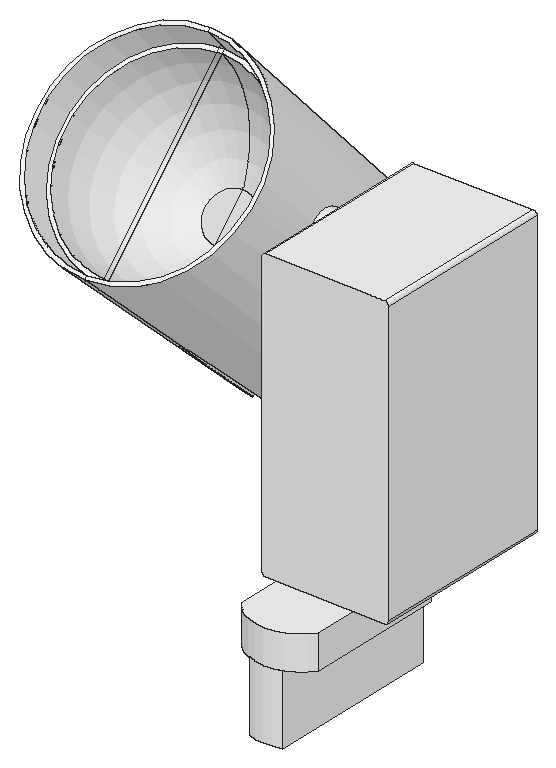
Revit family "0004932 Feilo Sylvania Lighting Fixture START TRACK SPOT S DALI 1352LM 940 WB WHT", category Lighting Fixtures, host Face, Revit 2017 (continued)
Definition of nested family "Start Track Spot Head"
  Types (96, lengths in mm): name | Wattage | built-in parameter 1150134 | Photometric Web File | Model | built-in parameter 1150105 | Lumens | built-in parameter 1150107 | built-in parameter 1150106 | HeadThickness_FEILO | HeadRibOffset_FEILO | HeadRibDepth_FEILO | HeadRibCutWidth_FEILO | HeadRibCutOffset_FEILO | HeadReflectorRadius_FEILO | HeadReflectorOffset_FEILO | HeadLEDRadius_FEILO | HeadHeight_FEILO | HeadDiffusorOffset_FEILO | HeadDiaOut_FEILO | HeadDiaIn_FEILO | HeadAxisFromTop_FEILO | Emit from Circle Diameter | built-in parameter 1150104 | Description | Apparent Load
    0004812 START TRACK SPOT S 14W 3K RA80 MB WHITE | 14 W | (empty or 0) | "0004812.ies" | "START TRACK SPOT S 14W 3K RA80 MB WHITE" | 120.32 (stored number, unit not read) | 1512 lm | 3000 (stored number, unit not read) | 1.2032 (stored number, unit not read) | 1.5 | 4.179 | 55.714 | 7.167 | 50.87 | 50.588 | 55.714 | 9.556 | 117 | 9.435 | 86 | 77.477 | 69.354 | 77.477 | 10.034 (stored number, unit not read) | "Integrated LED spotlight, Textured White - RAL9016, compact and minimalist design, ideal for retail applications, die-cast aluminium body, passive cooling heatsink. Beam angle: 36°, color temperature: 3000K , total system power: 14W, total fixture output: 1508 lm, LOR: 100%, colour rendering: Ra: 80 typical, LED Chromaticity: 3 step MacAdam ellipse, lifetime: >50000 hours at L70B50, energy class: A++, A+, A, IR/UV free light source without heat radiation, operating voltage: 220-240V / 50-60Hz, drive current: 350mA, electronic driver, non-dimmable, power factor: 0.92, electrical protection: Class II, Global Track 3 Phase adapter suitable for Global trac 3-circuit tracks, ingress protection rating: IP20, suitable for internal environment only, horizontal rotation: 355°, vertical tilt: 90°, dimensions: Ø86x140x200, weight: 0.940kg." | 14 VA
    0004811 START TRACK SPOT S 14W 3K RA80 NB WHITE | 14 W | (empty or 0) | "0004811.ies" | "START TRACK SPOT S 14W 3K RA80 NB WHITE" | 123.66 (stored number, unit not read) | 1554 lm | 3000 (stored number, unit not read) | 1.2366 (stored number, unit not read) | 1.5 | 4.179 | 55.714 | 7.167 | 50.87 | 50.588 | 55.714 | 9.556 | 117 | 9.435 | 86 | 77.477 | 69.354 | 77.477 | 10.312 (stored number, unit not read) | "Integrated LED spotlight, Textured White - RAL9016, compact and minimalist design, ideal for retail applications, die-cast aluminium body, passive cooling heatsink. Beam angle: 12°, color temperature: 3000K , total system power: 14W, total fixture output: 1551 lm, LOR: 100%, colour rendering: Ra: 80 typical, LED Chromaticity: 3 step MacAdam ellipse, lifetime: >50000 hours at L70B50, energy class: A++, A+, A, IR/UV free light source without heat radiation, operating voltage: 220-240V / 50-60Hz, drive current: 350mA, electronic driver, non-dimmable, power factor: 0.92, electrical protection: Class II, Global Track 3 Phase adapter suitable for Global trac 3-circuit tracks, ingress protection rating: IP20, suitable for internal environment only, horizontal rotation: 355°, vertical tilt: 90°, dimensions: Ø86x140x200, weight: 0.940kg." | 14 VA
  Reference planes
    plane 1 "Center (Front/Back)": y = 0
    plane 2: z = 0
    plane 3 "Center (Left/Right)": x = 0
    plane 4: x = 43
    plane 5: x = -43
    plane 6: x = -38.739
    plane 7: x = 38.739
    plane 8: z = 69.354
    plane 9: z = -47.646
    plane 10: x = -41.5
    plane 11: x = -37.239
    plane 12: z = -38.211
    plane 13: z = -35.211
    plane 14: z = 8.068
    plane 15: x = -9.556
    plane 16: x = -28.667
    plane 17: x = -19.111
    plane 18: x = -27.167
    plane 19: x = -17.611
    plane 20: x = -8.056
    plane 21: z = 13.64
    plane 22: x = -29.667
    plane 23: x = -26.167
    plane 24: x = -20.111
    plane 25: x = -16.611
    plane 26: x = -10.556
    plane 27: x = -7.056
    plane 28: x = -36.239
    plane 29: x = -40.5
    plane 30: z = 65.175
    plane 31: z = 60.997
    plane 32: z = 56.818
    plane 33: z = 18.484
    plane 34: y = -43
    plane 35: y = 43
    plane 36: y = 3.583
    plane 37: y = -3.583
    plane 38: y = -2.583
    plane 39: y = 2.583
    plane 40: y = 46
    plane 41: z = 13.5
    plane 42: z = -13.5
    plane 43: y = 39
    plane 44: x = 4.708
    plane 45: x = -2.458
    plane 46: x = -1.458
    plane 47: x = 1.458
  Forms (mm)
    Extrusion 1, solid
      sketch origin (4.2, 0, 0) x (1, 0, 0) y (0, 1, 0)
        loop
          line (-1219.2, 1219.2) -> (-1219.2, -1219.2) -> (1219.2, -1219.2) -> (1219.2, 1219.2) -> (-1219.2, 1219.2)
      from 0 to -68.017
    Revolve 2, solid, material <- "Material_1_FEILO", detail levels medium+fine
      sketch origin (0, 0, 0) x (1, 0, 0) y (0, 0, 1)
        loop
          line (-43, -47.646) -> (-41.5, -47.646) -> (-40.5, -35.211) -> (-38.739, -35.211)
          arc (-38.739, -35.211) -> (-30.16, -9.517) -> (-9.556, 8.068) r 50.588
          line (-9.556, 8.068) -> (0, 8.068) -> (0, 13.64) -> (-16.611, 13.64) -> (-17.611, 60.997) -> (-19.111, 60.997) -> (-20.111, 13.64) -> (-36.239, 13.64) -> (-37.239, 69.354) -> (-38.739, 69.354) -> (-43, -47.646)
        axis (0, 69.354) -> (0, -47.646)
      angle from 360 to 0
    Extrusion 3, void
      sketch origin (0, 0, 0) x (0, 1, 0) y (0, 0, 1)
        loop
          line (-3.583, 69.354) -> (-2.583, 18.484) -> (1.932, 18.484) -> (2.932, 69.354) -> (-3.583, 69.354)
      from 43 to -43
    Revolve 4, solid, material <- "Material_2_FEILO", detail levels medium+fine
      sketch origin (0, 0, 0) x (1, 0, 0) y (0, 0, 1)
        loop
          line (-41.5, -38.211) -> (0, -38.211) -> (0, -35.211) -> (-41.5, -35.211) -> (-41.5, -38.211)
        axis (0, -35.211) -> (0, -38.211)
      angle from 360 to 0
    Revolve 5, solid, material <- "Material_1_FEILO"
      sketch origin (0, 0, 0) x (0, 1, 0) y (0, 0, 1)
        loop
          line (46, 0) -> (39, 0) -> (39, -13.5) -> (46, -13.5) -> (46, 0)
        axis (39, 0) -> (46, 0)
      angle from 360 to 0
    Revolve 6, solid, material <- "Material_1_FEILO", detail levels medium+fine
      sketch origin (0, 0, 0) x (1, 0, 0) y (0, 0, 1)
        loop
          line (-29.667, 13.64) -> (-26.167, 13.64) -> (-27.167, 65.175) -> (-28.667, 65.175) -> (-29.667, 13.64)
        loop
          line (-10.556, 13.64) -> (-7.056, 13.64) -> (-7.833, 56.818) -> (-9.778, 56.818) -> (-10.556, 13.64)
        axis (0, 65.175) -> (0, 13.64)
      angle from 360 to 0
    Extrusion 7, void
      sketch origin (0, 0, 0) x (1, 0, 0) y (0, 0, 1)
        loop
          line (4.708, 69.354) -> (-2.458, 69.354) -> (-1.458, 13.64) -> (1.458, 13.64) -> (4.708, 69.354)
      from -43 to 43
    Revolve 8, solid, material <- "Material_1_FEILO", detail levels coarse
      sketch origin (0, 0, 0) x (1, 0, 0) y (0, 0, 1)
        loop
          line (0, 69.354) -> (-38.739, 69.354) -> (-43, -47.646) -> (-41.5, -47.646) -> (-40.731, -38.211) -> (0, -38.211) -> (0, 69.354)
        axis (0, 69.354) -> (0, -47.646)
      angle from 360 to 0
  Cuts and joins
    Extrusion 3 cuts Revolve 2
    Extrusion 7 cuts Revolve 6
  Dimensions and locks
    equal spacing: plane 7, plane 3 "Center (Left/Right)", plane 6
    equal spacing: plane 4, plane 3 "Center (Left/Right)", plane 5
    "HeadDiaOut_FEILO": plane 4 to plane 5
    "HeadDiaIn_FEILO": plane 7 to plane 6
    "HeadHeight_FEILO": plane 8 to plane 9
    "HeadThickness_FEILO": plane 10 to plane 5
    "HeadThickness_FEILO": plane 11 to plane 6
    "HeadDiffusorOffset_FEILO": plane 12 to plane 9
    "HeadDiffusorThickness_FEILO": plane 13 to plane 12
    "HeadReflectorOffset_FEILO": plane 14 to plane 9
    "HeadLEDRadius_FEILO": plane 3 "Center (Left/Right)" to plane 15
    "HeadLEDRadius_FEILO": plane 15 to plane 17
    "HeadLEDRadius_FEILO": plane 17 to plane 16
    "HeadThickness_FEILO": plane 18 to plane 16
    "HeadThickness_FEILO": plane 19 to plane 17
    "HeadThickness_FEILO": plane 20 to plane 15
    "HeadRibDepth_FEILO": plane 8 to plane 21
    "HeadDraft_FEILO": plane 16 to plane 22
    "HeadDraft_FEILO": plane 23 to plane 18
    "HeadDraft_FEILO": plane 17 to plane 24
    "HeadDraft_FEILO": plane 25 to plane 19
    "HeadDraft_FEILO": plane 15 to plane 26
    "HeadDraft_FEILO": plane 27 to plane 20
    "HeadDraft_FEILO": plane 29 to plane 10
    "HeadDraft_FEILO": plane 28 to plane 11
    "HeadRibOffset_FEILO": plane 8 to plane 30
    "HeadRibOffset_FEILO": plane 30 to plane 31
    "HeadRibOffset_FEILO": plane 31 to plane 32
    "HeadAxisFromTop_FEILO": plane 8 to plane 2
    "HeadRibCutOffset_FEILO": plane 8 to plane 33
    equal spacing: plane 34, plane 1 "Center (Front/Back)", plane 35
    "HeadDiaOut_FEILO": plane 34 to plane 35
    equal spacing: plane 38, plane 1 "Center (Front/Back)", plane 39
    equal spacing: plane 37, plane 1 "Center (Front/Back)", plane 36
    "HeadRibCutWidth_FEILO": plane 37 to plane 36
    "HeadDraft_FEILO": plane 37 to plane 38
    locked: plane 35 to plane 40 at 3
    equal spacing: plane 41, plane 2, plane 42
    locked: plane 42 to plane 41 at 27
    locked: plane 43 to plane 35 at 4
    equal spacing: plane 45, imposter light, plane 44
    "HeadDraft_FEILO": plane 46 to plane 45
    "HeadRibCutWidth_FEILO": plane 44 to plane 45
    equal spacing: plane 47, plane 3 "Center (Left/Right)", plane 46
    "HeadReflectorRadius_FEILO": radius of Revolve 2 sketch curve
    aligned and locked: plane 2 to Extrusion 1
    aligned and locked: level to Extrusion 1
    aligned and locked: Revolve 2 sketch curve to plane 3 "Center (Left/Right)"  (x2)
    aligned and locked: plane 9 to Revolve 2 sketch curve  (x2)
    aligned and locked: plane 5 to Revolve 2 sketch curve
    aligned and locked: plane 10 to Revolve 2 sketch curve
    aligned and locked: plane 14 to Revolve 2 sketch curve
    aligned and locked: plane 8 to Revolve 2 sketch curve
    aligned and locked: Revolve 2 sketch curve to plane 13
    aligned and locked: plane 12 to Revolve 4 sketch curve
    aligned and locked: plane 3 "Center (Left/Right)" to Revolve 4 sketch curve
    aligned and locked: Revolve 4 sketch curve to plane 10
    aligned and locked: Revolve 4 sketch curve to plane 3 "Center (Left/Right)"
    aligned and locked: plane 12 to imposter light
    aligned and locked: imposter light to plane 1 "Center (Front/Back)"
    aligned and locked: Revolve 5 sketch curve to plane 2
    aligned and locked: plane 43 to Revolve 5 sketch curve
    aligned and locked: plane 42 to Revolve 5 sketch curve
    aligned and locked: Revolve 6 sketch curve to plane 3 "Center (Left/Right)"
    aligned and locked: plane 22 to Revolve 6 sketch curve
    aligned and locked: plane 30 to Revolve 6 sketch curve
    aligned and locked: plane 23 to Revolve 6 sketch curve
    aligned and locked: Revolve 6 sketch curve to plane 21  (x2)
    aligned and locked: plane 21 to Revolve 6 sketch curve
    aligned and locked: plane 17 to Revolve 2 sketch curve
    aligned and locked: plane 19 to Revolve 2 sketch curve
    aligned and locked: plane 31 to Revolve 2 sketch curve
    aligned and locked: plane 21 to Revolve 2 sketch curve
    aligned and locked: Extrusion 3 to plane 8
    aligned and locked: plane 33 to Extrusion 3
    aligned and locked: plane 8 to Extrusion 3 sketch curve
    aligned and locked: Extrusion 3 sketch curve to plane 33
    aligned and locked: Extrusion 3 to plane 5
    aligned and locked: plane 4 to Extrusion 3
    aligned and locked: plane 32 to Revolve 6 sketch curve
    aligned and locked: plane 44 to Extrusion 7 sketch curve
    aligned and locked: Extrusion 7 sketch curve to plane 8
    aligned and locked: plane 46 to Extrusion 7 sketch curve
    aligned and locked: plane 21 to Extrusion 7 sketch curve
    aligned and locked: plane 34 to Extrusion 7
    aligned and locked: Extrusion 7 to plane 35
    aligned and locked: Revolve 4 sketch curve to plane 13
    aligned and locked: Revolve 5 sketch curve to plane 40
    aligned and locked: Revolve 8 sketch curve to plane 3 "Center (Left/Right)"
    aligned and locked: Revolve 8 sketch curve to cut or joined group of Revolve 2, Extrusion 3  (x3)
    aligned and locked: plane 5 to Revolve 8 sketch curve
    aligned and locked: plane 3 "Center (Left/Right)" to Revolve 8 sketch curve
    aligned and locked: plane 12 to Revolve 8 sketch curve
  Automatic sketch dimensions
    Extrusion 1 sketch curve to Extrusion 1 sketch curve = 2438.4 mm  (x2)
    Extrusion 3 sketch curve to plane 37 = 0 mm
    Extrusion 3 sketch curve to plane 38 = 0 mm
    plane 39 to Extrusion 3 sketch curve = 0.651 mm
    Extrusion 3 sketch curve to plane 39 = 0.349 mm
    Revolve 6 sketch curve to plane 16 = 0 mm
    Revolve 6 sketch curve to plane 18 = 0 mm
    Revolve 6 sketch curve to plane 26 = 0 mm
    Revolve 6 sketch curve to plane 27 = 0 mm
    Revolve 6 sketch curve to plane 15 = 0.222 mm
    plane 9 to Revolve 6 sketch curve = 559.103 mm
    Revolve 6 sketch curve to plane 8 = 2535.555 mm
    plane 20 to Revolve 6 sketch curve = 0.222 mm
    Revolve 2 sketch curve to plane 29 = 0 mm
    Revolve 2 sketch curve to plane 6 = 0 mm  (x2)
    Revolve 2 sketch curve to plane 11 = 0 mm
    Revolve 2 sketch curve to plane 21 = 0 mm
    Revolve 2 sketch curve to plane 28 = 0 mm
    Revolve 2 sketch curve to plane 24 = 0 mm
    Revolve 2 sketch curve to plane 25 = 0 mm
    Revolve 2 sketch curve to plane 15 = 0 mm
    Revolve 2 sketch curve to Revolve 2 sketch curve = 557.155 mm
    Revolve 2 sketch curve to plane 8 = 2535.558 mm
    Extrusion 7 sketch curve to plane 45 = 0 mm
    Extrusion 7 sketch curve to plane 47 = 0 mm
    plane 9 to Revolve 4 sketch curve = 559.103 mm
    Revolve 4 sketch curve to plane 8 = 2535.555 mm
    Revolve 5 sketch curve to level = 0 mm
    plane 34 to Revolve 5 sketch curve = 1968.092 mm
    Revolve 5 sketch curve to plane 40 = 1405.763 mm
    Revolve 8 sketch curve to plane 6 = 0 mm
    Revolve 8 sketch curve to plane 29 = 0.231 mm
    plane 9 to Revolve 8 sketch curve = 559.103 mm
    Revolve 8 sketch curve to Revolve 8 sketch curve = 2535.555 mm
Definition of nested family "Start Track Spot Box"
  Parameters (values of type "Type Large White")
    URL = "http://www.feilosylvania.com"
    Type Image = (empty or 0)
    Type Comments = "n/a"
    Small_FEILO = no
    Material_3_FEILO = none
    Model = ""
    Manufacturer = "Feilo Sylvania"
    Keynote = ""
    Material_2_FEILO = none
    Description = ""
    Default Elevation = 1219.2 mm
    Cost = 0
    Material_1_FEILO = none
    BoxWidth_FEILO = 49 mm
    BoxStartAngle_FEILO [instance] = 0.00°
    BoxRadius_FEILO = 1.5 mm
    BoxHeight_FEILO = if(Small_FEILO, 112 mm, 136 mm)  # 136 mm
    BoxEndAngle_FEILO [instance] = BoxStartAngle_FEILO - 180.00°  # -180.00°
    BoxDepth_FEILO = if(Small_FEILO, 71.5 mm, 79 mm)  # 79 mm
    BoxAxisVerticalOffset_FEILO = 16 mm
    BoxAxisOffset_FEILO = BoxHeight_FEILO / 6.8  # 20 mm
    Assembly Code = ""
    Material_4_FEILO = none
  Types (4, lengths in mm): name | Small_FEILO | BoxHeight_FEILO | BoxDepth_FEILO | BoxAxisOffset_FEILO
    Type Large White | no | 136 | 79 | 20
    Type Small White | yes | 112 | 71.5 | 16.471
    Type Small Black | yes | 112 | 71.5 | 16.471
    Type Large Black | no | 136 | 79 | 20
  Reference planes
    plane 1 "Center (Front/Back)": y = 0
    plane 2: z = 0
    plane 3 "Center (Left/Right)": x = 0
    plane 4: x = 24.5
    plane 5: x = -24.5
    plane 6: y = 68
    plane 7: y = -68
    plane 8: z = 39.5
    plane 9: z = -39.5
    plane 10: y = -48
    plane 11: x = 30.5
    plane 12: x = 8.5
    plane 13: x = 21.5
    plane 14: y = 70
    plane 15: y = 72
    plane 16: x = 19.5
  Forms (mm)
    Extrusion 1, solid
      sketch origin (4.2, 0, 0) x (1, 0, 0) y (0, 1, 0)
        loop
          line (-1219.2, 1219.2) -> (-1219.2, -1219.2) -> (1219.2, -1219.2) -> (1219.2, 1219.2) -> (-1219.2, 1219.2)
      from 0 to -68.017
    Extrusion 2, solid, material <- "Material_1_FEILO"
      sketch origin (0, 0, 0) x (1, 0, 0) y (0, 1, 0)
        loop
          arc (-23, 68) -> (-24.061, 67.561) -> (-24.5, 66.5) r 1.5
          line (-24.5, 66.5) -> (-24.5, -66.5)
          arc (-24.5, -66.5) -> (-24.061, -67.561) -> (-23, -68) r 1.5
          line (-23, -68) -> (23, -68)
          arc (23, -68) -> (24.061, -67.561) -> (24.5, -66.5) r 1.5
          line (24.5, -66.5) -> (24.5, 66.5)
          arc (24.5, 66.5) -> (24.061, 67.561) -> (23, 68) r 1.5
          line (23, 68) -> (-23, 68)
      from -39.5 to 39.5
    Revolve 3, solid, not visible
      sketch origin (0, 0, 0) x (1, 0, 0) y (0, 1, 0)
        loop
          line (30.5, -48) -> (24.5, -48) -> (24.5, -68) -> (30.5, -68) -> (30.5, -48)
        axis (30.5, -48) -> (24.5, -48)
      angle from 0 <- "BoxStartAngle_FEILO" to -180 <- "BoxEndAngle_FEILO"
    Revolve 4, solid, material <- "Material_2_FEILO"
      sketch origin (0, 0, 0) x (1, 0, 0) y (0, 1, 0)
        loop
          line (8.5, 68) -> (19.5, 68) -> (19.5, 70) -> (21.5, 70) -> (21.5, 72) -> (8.5, 72) -> (8.5, 68)
        axis (8.5, 72) -> (8.5, 68)
      angle from 360 to 0
  Dimensions and locks
    equal spacing: plane 5, plane 3 "Center (Left/Right)", plane 4
    "BoxWidth_FEILO": plane 5 to plane 4
    equal spacing: plane 7, plane 1 "Center (Front/Back)", plane 6
    "BoxHeight_FEILO": plane 7 to plane 6
    equal spacing: plane 8, plane 2, plane 9
    "BoxDepth_FEILO": plane 8 to plane 9
    "BoxAxisOffset_FEILO": plane 7 to plane 10
    locked: plane 4 to plane 11 at 6
    "BoxAxisVerticalOffset_FEILO": plane 12 to plane 4
    locked: plane 12 to plane 13 at 13
    plane 6 to plane 14 to plane 15 = 2 mm locked, 2 mm locked
    locked: plane 12 to plane 16 at 11
    "BoxRadius_FEILO": radius of Extrusion 2 sketch curve  (x4)
    aligned and locked: plane 2 to Extrusion 1
    aligned and locked: level to Extrusion 1
    aligned and locked: plane 6 to Extrusion 2 sketch curve
    aligned and locked: plane 5 to Extrusion 2 sketch curve
    aligned and locked: Extrusion 2 sketch curve to plane 7
    aligned and locked: Extrusion 2 sketch curve to plane 4
    aligned and locked: Extrusion 2 to plane 8
    aligned and locked: plane 9 to Extrusion 2
    aligned and locked: Revolve 3 sketch curve to plane 10  (x2)
    aligned and locked: plane 11 to Revolve 3 sketch curve
    aligned and locked: Revolve 3 sketch curve to plane 4
    aligned and locked: plane 7 to Revolve 3 sketch curve
    aligned and locked: Revolve 4 sketch curve to plane 12
    aligned and locked: plane 6 to Revolve 4 sketch curve
    aligned and locked: plane 12 to Revolve 4 sketch curve
    aligned and locked: plane 15 to Revolve 4 sketch curve
    aligned and locked: Revolve 4 sketch curve to plane 13
    aligned and locked: Revolve 4 sketch curve to plane 14
    aligned and locked: Revolve 4 sketch curve to plane 16
    aligned and locked: Revolve 4 sketch curve to plane 6
  Automatic sketch dimensions
    Extrusion 1 sketch curve to Extrusion 1 sketch curve = 2438.4 mm  (x2)
    Revolve 3 sketch curve to plane 5 = 1499.5 mm
    plane 11 to Revolve 3 sketch curve = 1493.5 mm
    plane 15 to Revolve 4 sketch curve = 0 mm
    plane 7 to Revolve 4 sketch curve = 1456 mm
    Revolve 4 sketch curve to plane 15 = 1452 mm
